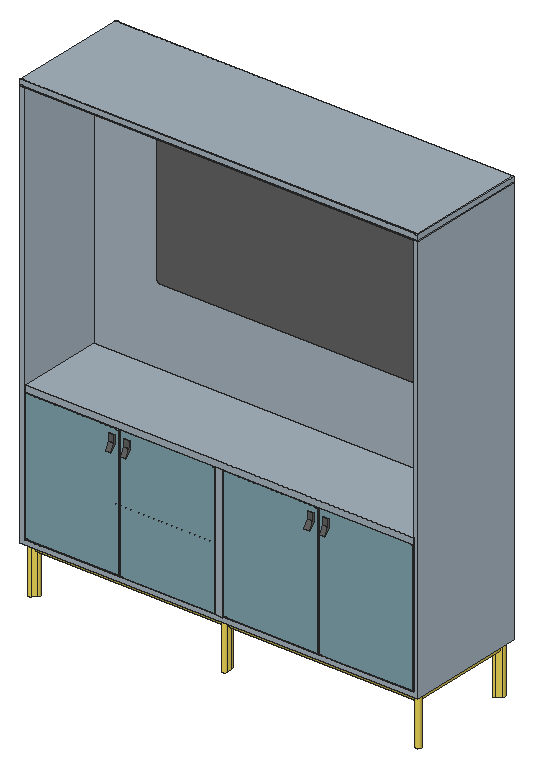
Revit family "DBLTD_TheSenatorGroup_OffcStrg_Play_MediaUnit_US", category Furniture, Revit 2018
Family settings
  Work Plane-Based = No
  Always vertical = Yes
  Cut with Voids When Loaded = No
  Shared = Yes
  Room Calculation Point = No
Parameters (values of type "Media Unit 60"(w) x 18"(d) x 70"(h)")
  WarrantyStartDate [instance] = "1900-12-31T23:59:59"
  WarrantyGuarantorParts = "15"
  WarrantyGuarantorLabor = "15"
  WarrantyDurationUnit = "Years"
  WarrantyDurationParts = "15"
  WarrantyDurationLabor = "15"
  WarrantyDescription = "Senator warrants that its manufactured products are free from manufacturing defects - in materials or workmanship - for a period of ten (10) years on Senator Seating ranges; and fifteen (15) years on Senator Desking ranges"
  Version = "1"  # constant formula
  Uniclass2015Version = "Products v1.9"
  Uniclass2015Title = "Office storage units"
  Uniclass2015Code = "Pr_40_30_78_57"
  URL = "https://www.thesenatorgroup.com/"
  TagNumber [instance] = "n/a"
  SustainabilityPerformance = "n/a"
  Style = "n/a"
  Size = "L 18\" x  W 60\" x  H 70\""
  Shape = "n/a"
  SerialNumber [instance] = "n/a"
  Revision = "n/a"
  ReplacementCost = "n/a"
  ProductInformation = "https://www.thesenatorgroup.com/"
  PanelMaterial [instance] = TheSenatorGroup_Play_MFC_Denim
  OmniClassVersion = "Table 22 2012-05-16"
  OmniClassTitle = "Storage"
  OmniClassCode = "22-12 51 19"
  NominalWidth = 60"
  NominalLength = 60"
  NominalHeight = 70"
  NominalDepth = 18"
  Name = "TheSenatorGroup_OfficeStorage_Play_MediaUnit"
  NBSReference = "45-35-80/360"
  NBSDescription = "Office storage"
  NBSCertification = ""
  ModelReference = "60\"(w) x 18\"(d) x70\"(h)"
  ModelNumber = "PYP70-60-MU"
  Model = ModelNumber  # "PYP70-60-MU"
  Material = "Metal, MFC"
  ManufacturerURL = "https://www.thesenatorgroup.com/"
  ManufacturerName = "The Senator Group"
  Manufacturer = "The Senator Group"
  MainColor = "n/a"
  Keynote = "Pr_40_50_21_60"
  InstallationDate [instance] = "1900-12-31T23:59:59"
  IfcExportType = "STORAGE"  # constant formula
  IfcExportAs = "IfcFurnitureType"  # constant formula
  Grade = "n/a"
  FramesColour = "Black, White, Totally Orange, Traffic Yellow, Anthracite, Pistachio"
  FrameSupports = "n/a"
  Finish = "HD Highland Oak, BH Beech, MP Maple, WH White, AT Autumn. WK Winter Oak, SO Strata Oak, MC Mocha, HW Hacienda White, DN Denim, LY Clay, LS Lemon Sorbet, LG Light Grey, CW Carini Walnut"
  Features = "n/a"
  ExpectedLife = "n/a"
  DurationUnit = "year"
  DoorPanelMaterial [instance] = TheSenatorGroup_Play_MFC_GranitBlue
  DimensionsPlanSize = "60\" x 18\""
  DimensionsHeight = "70\""
  Description = "Play Media Unit With Storage"
  Cost = 0
  Constituents = "n/a"
  Color = "n/a"
  CodePerformance = "n/a"
  Category = "Pr_40_30_78_57:Office storage units"
  BaseFinishMaterial [instance] = TheSenatorGroup_Play_MetalFrame_TrafficYellow
  BarCode [instance] = "n/a"
  BIMObjectName = "TheSenatorGroup_OfficeStorage_Play_MediaUnit"
  Author = "Diane Butterworth Ltd"  # constant formula
  AssetType = "Movable"
  AssetIdentifier [instance] = "n/a"
  AccessibilityPerformance = "n/a"
Reference planes (in)
  plane 1 "Center (Front/Back)": y = 0
  plane 2: z = 0
  plane 3 "Center (Left/Right)": x = 0
  plane 4: x = -30
  plane 5: x = 30
  plane 6: z = 7.2834646
  plane 7: y = -18
  plane 8: y = -9
  plane 9: z = 70
Forms (in)
  Extrusion 1, solid, material "TheSenatorGroup_Play_MFC_Denim" <- "PanelMaterial"
    sketch origin (0, 0, 0) x (1, 0, 0) y (0, 0, 1)
      loop
        line (-30, 7.2834646) -> (30, 7.2834646) -> (30, 69.015748) -> (29.3700787, 69.015748) -> (29.3700787, 7.9133858) -> (-29.3700787, 7.9133858) -> (-29.3700787, 69.0157416) -> (-30, 69.0157416) -> (-30, 7.2834646)
    from 0 to 18
  Extrusion 2, solid, material "TheSenatorGroup_Play_MetalFrame_TrafficYellow" <- "BaseFinishMaterial"
    sketch origin (-15.457819, -9.0579081, 7.2834646) x (-1, 0, 0) y (0, -1, 0)
      loop
        line (14.0342902, -7.6940506) -> (13.4775115, -7.1372764)
        arc (13.4775115, -7.1372764) -> (12.9207341, -7.1372785) -> (12.9207358, -7.6940559) r 0.3937012
        line (12.9207358, -7.6940559) -> (13.4775138, -8.2508309)
        arc (13.4775138, -8.2508309) -> (14.0342923, -8.2508292) -> (14.0342902, -7.6940506) r 0.3937017
    from 0 to -7.2834646
  Extrusion 3, solid, material "TheSenatorGroup_Play_MetalFrame_TrafficYellow" <- "BaseFinishMaterial", detail levels medium+fine
    sketch origin (-14.965693, -9.0579081, 0) x (-1, 0, 0) y (0, 0, -1)
      loop
        arc (13.0275609, -7.1653543) -> (13.0621546, -7.2488709) -> (13.1456712, -7.2834646) r 0.1181102
        line (13.1456712, -7.2834646) -> (14.1299208, -7.2834646)
        arc (14.1299208, -7.2834646) -> (14.2134374, -7.2488709) -> (14.2480311, -7.1653543) r 0.1181102
        line (14.2480311, -7.1653543) -> (14.2480311, -6.4960628)
        arc (14.2480311, -6.4960628) -> (13.637796, -5.8858277) -> (13.0275609, -6.4960628) r 0.6102351
        line (13.0275609, -6.4960628) -> (13.0275609, -7.1653543)
    from -7.480315 to 7.4834301
  Extrusion 4, solid, material "TheSenatorGroup_Play_MetalFrame_TrafficYellow" <- "BaseFinishMaterial", detail levels medium+fine
    sketch origin (-12.0916775, -12.994916, 0) x (0, 1, 0) y (0, 0, 1)
      loop
        line (10.6889778, 7.1653543) -> (10.6889778, 6.4960628)
        arc (10.6889778, 6.4960628) -> (11.2992129, 5.8858277) -> (11.909448, 6.4960628) r 0.6102351
        line (11.909448, 6.4960628) -> (11.909448, 7.1653543)
        arc (11.909448, 7.1653543) -> (11.8748543, 7.2488709) -> (11.7913377, 7.2834646) r 0.1181102
        line (11.7913377, 7.2834646) -> (10.807088, 7.2834646)
        arc (10.807088, 7.2834646) -> (10.7235715, 7.2488709) -> (10.6889778, 7.1653543) r 0.1181102
    from -16.7495808 to 40.9715988
  Extrusion 5, solid, material "TheSenatorGroup_Play_MetalFrame_TrafficYellow" <- "BaseFinishMaterial"
    sketch origin (5.0109916, -17.3711915, 7.2834646) x (-0.707107, 0.707107, 0) y (-0.707107, -0.707107, 0)
      loop
        line (15.3374394, -7.6940506) -> (14.7806607, -7.1372764)
        arc (14.7806607, -7.1372764) -> (14.2238833, -7.1372785) -> (14.223885, -7.6940559) r 0.3937012
        line (14.223885, -7.6940559) -> (14.7806629, -8.2508309)
        arc (14.7806629, -8.2508309) -> (15.3374415, -8.2508292) -> (15.3374394, -7.6940506) r 0.3937017
    from 0 to -7.2834646
  Extrusion 6, solid, material "TheSenatorGroup_Play_MetalFrame_TrafficYellow" <- "BaseFinishMaterial", not visible, detail levels medium+fine
    sketch origin (14.9409452, -9.0579081, 0) x (-1, 0, 0) y (0, 0, -1)
      loop
        arc (14.3307101, -7.1653543) -> (14.3653038, -7.2488709) -> (14.4488203, -7.2834646) r 0.1181102
        line (14.4488203, -7.2834646) -> (15.43307, -7.2834646)
        arc (15.43307, -7.2834646) -> (15.5165866, -7.2488709) -> (15.5511802, -7.1653543) r 0.1181102
        line (15.5511802, -7.1653543) -> (15.5511802, -6.4960628)
        arc (15.5511802, -6.4960628) -> (14.9409452, -5.8858277) -> (14.3307101, -6.4960628) r 0.6102351
        line (14.3307101, -6.4960628) -> (14.3307101, -7.1653543)
    from -7.480315 to 7.1920919
  Extrusion 7, solid, material "TheSenatorGroup_Play_MetalFrame_TrafficYellow" <- "BaseFinishMaterial"
    sketch origin (-15.457819, -8.2649269, 7.2834646) x (-1, 0, 0) y (0, -1, 0)
      loop
        arc (14.0342902, 8.3712157) -> (14.0342923, 8.9279942) -> (13.4775138, 8.9279959) r 0.3937017
        line (13.4775138, 8.9279959) -> (12.9207358, 8.371221)
        arc (12.9207358, 8.371221) -> (12.9207341, 7.8144435) -> (13.4775115, 7.8144415) r 0.3937012
        line (13.4775115, 7.8144415) -> (14.0342902, 8.3712157)
    from 0 to -7.2834646
  Extrusion 8, solid, material "TheSenatorGroup_Play_MetalFrame_TrafficYellow" <- "BaseFinishMaterial", detail levels medium+fine
    sketch origin (-12.0916775, -4.327919, 0) x (0, -1, 0) y (0, 0, -1)
      loop
        arc (11.3661428, -7.1653543) -> (11.4007365, -7.2488709) -> (11.4842531, -7.2834646) r 0.1181102
        line (11.4842531, -7.2834646) -> (12.4685028, -7.2834646)
        arc (12.4685028, -7.2834646) -> (12.5520193, -7.2488709) -> (12.586613, -7.1653543) r 0.1181102
        line (12.586613, -7.1653543) -> (12.586613, -6.4960628)
        arc (12.586613, -6.4960628) -> (11.9763779, -5.8858277) -> (11.3661428, -6.4960628) r 0.6102351
        line (11.3661428, -6.4960628) -> (11.3661428, -7.1653543)
    from -16.7495808 to 40.9715988
  Extrusion 9, solid, material "TheSenatorGroup_Play_MetalFrame_TrafficYellow" <- "BaseFinishMaterial"
    sketch origin (5.0109916, 0.0483566, 7.2834646) x (-0.707107, -0.707107, 0) y (0.707107, -0.707107, 0)
      loop
        arc (15.8162674, 8.1728786) -> (15.8162695, 8.7296572) -> (15.2594909, 8.7296589) r 0.3937017
        line (15.2594909, 8.7296589) -> (14.702713, 8.1728839)
        arc (14.702713, 8.1728839) -> (14.7027113, 7.6161065) -> (15.2594887, 7.6161044) r 0.3937012
        line (15.2594887, 7.6161044) -> (15.8162674, 8.1728786)
    from 0 to -7.2834646
  Extrusion 10, solid, material "TheSenatorGroup_Play_MetalFrame_TrafficYellow" <- "BaseFinishMaterial", detail levels medium+fine
    sketch origin (14.965693, -9.0579081, 0) x (1, 0, 0) y (0, 0, 1)
      loop
        line (13.0275609, 7.1653543) -> (13.0275609, 6.4960628)
        arc (13.0275609, 6.4960628) -> (13.637796, 5.8858277) -> (14.2480311, 6.4960628) r 0.6102351
        line (14.2480311, 6.4960628) -> (14.2480311, 7.1653543)
        arc (14.2480311, 7.1653543) -> (14.2134374, 7.2488709) -> (14.1299208, 7.2834646) r 0.1181102
        line (14.1299208, 7.2834646) -> (13.1456712, 7.2834646)
        arc (13.1456712, 7.2834646) -> (13.0621546, 7.2488709) -> (13.0275609, 7.1653543) r 0.1181102
    from -7.480315 to 7.5275599
  Extrusion 11, solid, material "TheSenatorGroup_Play_MetalFrame_TrafficYellow" <- "BaseFinishMaterial"
    sketch origin (15.457819, -9.0579081, 7.2834646) x (1, 0, 0) y (0, 1, 0)
      loop
        arc (14.0342902, 7.6940506) -> (14.0342923, 8.2508292) -> (13.4775138, 8.2508309) r 0.3937017
        line (13.4775138, 8.2508309) -> (12.9207358, 7.6940559)
        arc (12.9207358, 7.6940559) -> (12.9207341, 7.1372785) -> (13.4775115, 7.1372764) r 0.3937012
        line (13.4775115, 7.1372764) -> (14.0342902, 7.6940506)
    from 0 to -7.2834646
  Extrusion 12, solid, material "TheSenatorGroup_Play_MetalFrame_TrafficYellow" <- "BaseFinishMaterial"
    sketch origin (15.457819, -8.2649269, 7.2834646) x (1, 0, 0) y (0, 1, 0)
      loop
        line (14.0342902, -8.3712157) -> (13.4775115, -7.8144415)
        arc (13.4775115, -7.8144415) -> (12.9207341, -7.8144435) -> (12.9207358, -8.371221) r 0.3937012
        line (12.9207358, -8.371221) -> (13.4775138, -8.9279959)
        arc (13.4775138, -8.9279959) -> (14.0342923, -8.9279942) -> (14.0342902, -8.3712157) r 0.3937017
    from 0 to -7.2834646
  Extrusion 13, solid, material "TheSenatorGroup_Play_MFC_Denim" <- "PanelMaterial"
    sketch origin (0, 0, -0.9055118) x (0, 1, 0) y (0, 0, 1)
      loop
        line (0, 29.7244148) -> (-18, 29.7244148) -> (-18, 28.7401571) -> (0, 28.7401571) -> (0, 29.7244148)
    from -29.3700787 to 29.3700787
  Extrusion 14, solid, material "TheSenatorGroup_Play_MFC_Denim" <- "PanelMaterial"
    sketch origin (0, 0, 39.9606303) x (0, 1, 0) y (0, 0, 1)
      loop
        line (0, 30.0393755) -> (-18, 30.0393755) -> (-18, 29.0551178) -> (0, 29.0551178) -> (0, 30.0393755)
    from -30 to 30
  Sweep 15, void
    path in 3D
      loop
        line (-30, -18, 70.0000057) -> (-30, 0, 70.0000057) -> (30, 0, 70.0000057) -> (30, -18, 70.0000057) -> (-30, -18, 70.0000057)
    profile origin (0, -18, 70.0000057) x (0, -1, 0) y (0, 0, 1)
      loop
        line (0, 0) -> (-0.0787402, 0)
        arc (-0.0787402, 0) -> (-0.0230625, -0.0230625) -> (0, -0.0787402) r 0.0787402
        line (0, -0.0787402) -> (0, 0)
      loop
        line (0, -0.9842577) -> (0, -0.9055175)
        arc (0, -0.9055175) -> (-0.0230625, -0.9611952) -> (-0.0787402, -0.9842577) r 0.0787402
        line (-0.0787402, -0.9842577) -> (0, -0.9842577)
  Extrusion 16, solid, material "TheSenatorGroup_Play_MFC_Denim" <- "PanelMaterial"
    sketch origin (0, 0, 0) x (0, 1, 0) y (0, 0, 1)
      loop
        line (-4.27559, 69.0157416) -> (-4.9842519, 69.0157416) -> (-4.9842519, 28.818903) -> (-4.27559, 28.818903) -> (-4.27559, 69.0157416)
    from -29.3700787 to 29.3700787
  Extrusion 17, solid, material "TheSenatorGroup_Play_MetalFrame_Black"
    sketch origin (0, 0, 0) x (1, 0, 0) y (0, 0, 1)
      loop
        arc (-18.9763765, 62.4212686) -> (-19.2547649, 62.3059563) -> (-19.3700772, 62.0275678) r 0.3937008
        line (-19.3700772, 62.0275678) -> (-19.3700772, 41.0512764)
        arc (-19.3700772, 41.0512764) -> (-19.2547649, 40.7728879) -> (-18.9763765, 40.6575756) r 0.3937008
        line (-18.9763765, 40.6575756) -> (18.9685048, 40.6575756)
        arc (18.9685048, 40.6575756) -> (19.2468933, 40.7728879) -> (19.3622056, 41.0512764) r 0.3937008
        line (19.3622056, 41.0512764) -> (19.3622056, 62.0275678)
        arc (19.3622056, 62.0275678) -> (19.2468933, 62.3059563) -> (18.9685048, 62.4212686) r 0.3937008
        line (18.9685048, 62.4212686) -> (-18.9763765, 62.4212686)
    from 4.9842519 to 5.4409447
  Extrusion 18, solid, material "TheSenatorGroup_Play_MFC_GranitBlue" <- "DoorPanelMaterial"
    sketch origin (0, -0.677165, 0) x (1, 0, 0) y (0, 0, 1)
      loop
        line (-29.3700787, 27.8346453) -> (-29.3700787, 7.9133858) -> (-15, 7.9133858) -> (-15, 27.8346453) -> (-29.3700787, 27.8346453)
    from 16.6141732 to 17.3228345
  Sweep 19, void
    path in 3D
      loop
        line (-29.3700787, -17.9999995, 27.8346453) -> (-29.3700787, -17.9999995, 7.9133858) -> (-15, -17.9999995, 7.9133858) -> (-15, -17.9999995, 27.8346453) -> (-29.3700787, -17.9999995, 27.8346453)
    profile origin (-22.1850394, -17.9999995, 27.8346453) x (0, -1, 0) y (0, 0, 1)
      loop
        line (0.0000005, 0) -> (-0.0787397, 0)
        arc (-0.0787397, 0) -> (-0.023062, -0.0230625) -> (0.0000005, -0.0787402) r 0.0787402
        line (0.0000005, -0.0787402) -> (0.0000005, 0)
  Extrusion 20, solid, material "TheSenatorGroup_Play_MFC_Denim" <- "PanelMaterial"
    sketch origin (0, -0.677165, 0) x (1, 0, 0) y (0, 0, 1)
      loop
        line (-0.62886, 7.9123184) -> (0.62886, 7.9123184) -> (0.62886, 27.8357128) -> (-0.62886, 27.8357128) -> (-0.62886, 7.9123184)
    from 16.6141732 to 17.322835
  Extrusion 21, solid, material "TheSenatorGroup_Play_MFC_Denim" <- "PanelMaterial"
    sketch origin (0, 0, 0) x (1, 0, 0) y (0, 1, 0)
      loop
        line (-29.3700787, 0.0010551) -> (-29.3700787, -0.6289449) -> (29.3700787, -0.6289449) -> (29.3700787, 0.0010551) -> (-29.3700787, 0.0010551)
    from 7.9133858 to 27.8346453
  Extrusion 22, solid, material "TheSenatorGroup_Play_MetalFrame_Black"
    sketch origin (1.2814951, 0, 0) x (0, 1, 0) y (0, 0, 1)
      loop
        line (-18, 26.889768) -> (-18.0787402, 26.889768) -> (-18.0787402, 25.821824)
        arc (-18.0787402, 25.821824) -> (-18.0859034, 25.7748685) -> (-18.1067414, 25.7321847) r 0.1574803
        line (-18.1067414, 25.7321847) -> (-18.7734003, 24.7692328) -> (-18.7086607, 24.7244131) -> (-18.0420018, 25.687365)
        arc (-18.0420018, 25.687365) -> (-18.0107448, 25.7513907) -> (-18, 25.821824) r 0.2362205
        line (-18, 25.821824) -> (-18, 26.889768)
    from -17.8188958 to -17.0314951
  Extrusion 23, solid, material "TheSenatorGroup_Play_MetalFrame_Black"
    sketch origin (-31.2814951, 0, 0) x (0, 1, 0) y (0, 0, -1)
      loop
        line (-18, -26.889768) -> (-18, -25.821824)
        arc (-18, -25.821824) -> (-18.0107448, -25.7513907) -> (-18.0420018, -25.687365) r 0.2362205
        line (-18.0420018, -25.687365) -> (-18.7086607, -24.7244131) -> (-18.7734003, -24.7692328) -> (-18.1067414, -25.7321847)
        arc (-18.1067414, -25.7321847) -> (-18.0859034, -25.7748685) -> (-18.0787402, -25.821824) r 0.1574803
        line (-18.0787402, -25.821824) -> (-18.0787402, -26.889768) -> (-18, -26.889768)
    from -17.8188958 to -17.0314951
  Extrusion 24, solid, material "TheSenatorGroup_Play_MFC_GranitBlue" <- "DoorPanelMaterial"
    sketch origin (14.37114, -0.677165, -0.0010675) x (1, 0, 0) y (0, 0, 1)
      loop
        line (-29.3700787, 27.8346453) -> (-29.3700787, 7.9133858) -> (-15, 7.9133858) -> (-15, 27.8346453) -> (-29.3700787, 27.8346453)
    from 16.6141732 to 17.3228345
  Extrusion 25, solid, material "TheSenatorGroup_Play_MFC_GranitBlue" <- "DoorPanelMaterial"
    sketch origin (-14.37114, -0.677165, -0.0010675) x (-1, 0, 0) y (0, 0, -1)
      loop
        line (-29.3700787, -27.8346453) -> (-15, -27.8346453) -> (-15, -7.9133858) -> (-29.3700787, -7.9133858) -> (-29.3700787, -27.8346453)
    from 16.6141732 to 17.3228345
  Extrusion 26, solid, material "TheSenatorGroup_Play_MFC_GranitBlue" <- "DoorPanelMaterial"
    sketch origin (44.3690175, -0.677165, -0.0010675) x (1, 0, 0) y (0, 0, 1)
      loop
        line (-29.3700787, 27.8346453) -> (-29.3700787, 7.9133858) -> (-15, 7.9133858) -> (-15, 27.8346453) -> (-29.3700787, 27.8346453)
    from 16.6141732 to 17.3228345
  Extrusion 27, solid, material "TheSenatorGroup_Play_MetalFrame_Black"
    sketch origin (-1.2814951, 0, 0) x (0, 1, 0) y (0, 0, -1)
      loop
        line (-18, -26.889768) -> (-18, -25.821824)
        arc (-18, -25.821824) -> (-18.0107448, -25.7513907) -> (-18.0420018, -25.687365) r 0.2362205
        line (-18.0420018, -25.687365) -> (-18.7086607, -24.7244131) -> (-18.7734003, -24.7692328) -> (-18.1067414, -25.7321847)
        arc (-18.1067414, -25.7321847) -> (-18.0859034, -25.7748685) -> (-18.0787402, -25.821824) r 0.1574803
        line (-18.0787402, -25.821824) -> (-18.0787402, -26.889768) -> (-18, -26.889768)
    from -17.8188958 to -17.0314951
  Extrusion 28, solid, material "TheSenatorGroup_Play_MetalFrame_Black"
    sketch origin (31.2814951, 0, 0) x (0, 1, 0) y (0, 0, 1)
      loop
        line (-18, 26.889768) -> (-18.0787402, 26.889768) -> (-18.0787402, 25.821824)
        arc (-18.0787402, 25.821824) -> (-18.0859034, 25.7748685) -> (-18.1067414, 25.7321847) r 0.1574803
        line (-18.1067414, 25.7321847) -> (-18.7734003, 24.7692328) -> (-18.7086607, 24.7244131) -> (-18.0420018, 25.687365)
        arc (-18.0420018, 25.687365) -> (-18.0107448, 25.7513907) -> (-18, 25.821824) r 0.2362205
        line (-18, 25.821824) -> (-18, 26.889768)
    from -17.8188958 to -17.0314951
  Sweep 29, void
    path in 3D
      loop
        line (-14.9989388, -17.9999995, 27.8335778) -> (-14.9989388, -17.9999995, 7.9123184) -> (-0.62886, -17.9999995, 7.9123184) -> (-0.62886, -17.9999995, 27.8335778) -> (-14.9989388, -17.9999995, 27.8335778)
    profile origin (-7.8138994, -17.9999995, 27.8335778) x (0, -1, 0) y (0, 0, 1)
      loop
        line (0, 0) -> (-0.08, 0)
        arc (-0.08, 0) -> (-0.0234315, -0.0234315) -> (0, -0.08) r 0.08
        line (0, -0.08) -> (0, 0)
  Sweep 30, void
    path in 3D
      loop
        line (14.9989388, -17.9999995, 27.8335778) -> (14.9989388, -17.9999995, 7.9123184) -> (0.62886, -17.9999995, 7.9123184) -> (0.62886, -17.9999995, 27.8335778) -> (14.9989388, -17.9999995, 27.8335778)
    profile origin (7.8138994, -17.9999995, 27.8335778) x (0, 1, 0) y (0, 0, 1)
      loop
        line (0, 0) -> (0, -0.08)
        arc (0, -0.08) -> (0.0234315, -0.0234315) -> (0.08, 0) r 0.08
        line (0.08, 0) -> (0, 0)
  Sweep 31, void
    path in 3D
      loop
        line (14.9989388, -17.9999995, 27.8335778) -> (14.9989388, -17.9999995, 7.9123184) -> (29.3690175, -17.9999995, 7.9123184) -> (29.3690175, -17.9999995, 27.8335778) -> (14.9989388, -17.9999995, 27.8335778)
    profile origin (22.1839781, -17.9999995, 27.8335778) x (0, -1, 0) y (0, 0, 1)
      loop
        line (0, 0) -> (-0.08, 0)
        arc (-0.08, 0) -> (-0.0234315, -0.0234315) -> (0, -0.08) r 0.08
        line (0, -0.08) -> (0, 0)
Cuts and joins
  Sweep 19 cuts Extrusion 1
  Sweep 15 cuts Extrusion 14
  Sweep 19 cuts Extrusion 18
  Sweep 29, Sweep 30, Sweep 31 cuts Extrusion 20
  Sweep 29, Sweep 30 cuts Extrusion 24
  Sweep 30, Sweep 31 cuts Extrusion 25
  Sweep 31 cuts Extrusion 26
Lines and regions (in)
  sketch lines
    curve 1: line (30, -18, 70.0000057) -> (-30, -18, 70.0000057)
    curve 2: line (-30, -18, 70.0000057) -> (-30, 0, 70.0000057)
    curve 3: line (30, 0, 70.0000057) -> (-30, 0, 70.0000057)
    curve 4: line (30, 0, 70.0000057) -> (30, -18, 70.0000057)
    curve 5: line (-15, -17.9999995, 27.8346453) -> (-29.3700787, -17.9999995, 27.8346453)
    curve 6: line (-29.3700787, -17.9999995, 27.8346453) -> (-29.3700787, -17.9999995, 7.9133858)
    curve 7: line (-29.3700787, -17.9999995, 7.9133858) -> (-15, -17.9999995, 7.9133858)
    curve 8: line (-15, -17.9999995, 7.9133858) -> (-15, -17.9999995, 27.8346453)
    curve 9: line (-0.62886, -17.9999995, 27.8335778) -> (-14.9989388, -17.9999995, 27.8335778)
    curve 10: line (-14.9989388, -17.9999995, 27.8335778) -> (-14.9989388, -17.9999995, 7.9123184)
    curve 11: line (-0.62886, -17.9999995, 7.9123184) -> (-0.62886, -17.9999995, 27.8335778)
    curve 12: line (-14.9989388, -17.9999995, 7.9123184) -> (-0.62886, -17.9999995, 7.9123184)
    curve 13: line (0.62886, -17.9999995, 27.8335778) -> (14.9989388, -17.9999995, 27.8335778)
    curve 14: line (14.9989388, -17.9999995, 27.8335778) -> (14.9989388, -17.9999995, 7.9123184)
    curve 15: line (0.62886, -17.9999995, 7.9123184) -> (0.62886, -17.9999995, 27.8335778)
    curve 16: line (14.9989388, -17.9999995, 7.9123184) -> (0.62886, -17.9999995, 7.9123184)
    curve 17: line (29.3690175, -17.9999995, 27.8335778) -> (14.9989388, -17.9999995, 27.8335778)
    curve 18: line (14.9989388, -17.9999995, 27.8335778) -> (14.9989388, -17.9999995, 7.9123184)
    curve 19: line (29.3690175, -17.9999995, 7.9123184) -> (29.3690175, -17.9999995, 27.8335778)
    curve 20: line (14.9989388, -17.9999995, 7.9123184) -> (29.3690175, -17.9999995, 7.9123184)
Dimensions and locks (in)
  plane 4 to plane 3 "Center (Left/Right)" to plane 5 = 30", 30"
  equal spacing: plane 7, plane 8, plane 1 "Center (Front/Back)"
  "NominalHeight": plane 9 to level
  "NominalLength": plane 4 to plane 5
  equal spacing: plane 4, plane 3 "Center (Left/Right)", plane 5
  plane 1 "Center (Front/Back)" to plane 8 to plane 7 = 9", 9"
  "NominalDepth": plane 1 "Center (Front/Back)" to plane 7
  aligned and locked: level to plane 2
  aligned and locked: Extrusion 1 sketch curve to plane 6
  aligned and locked: Extrusion 1 sketch curve to plane 5
  aligned and locked: Extrusion 1 to plane 1 "Center (Front/Back)"
  aligned and locked: Extrusion 1 to plane 7
Automatic sketch dimensions
  Sweep 30 sketch curve to profile plane = 0"  (x4)
  Sweep 30 sketch curve to profile plane = 0.08"
  Sweep 30 sketch curve to Sweep 30 sketch curve = 0"  (x2)
  plane 4 to Extrusion 1 sketch curve = 0"
  Extrusion 1 sketch curve to plane 4 = 0.62992"
  Extrusion 1 sketch curve to plane 5 = 0.62992"
  Extrusion 1 sketch curve to plane 6 = 0.62992"
  Extrusion 1 sketch curve to plane 9 = 0.98426"
  Extrusion 1 sketch curve to plane 9 = 0.98425"
  Extrusion 2 sketch curve to plane 4 = 1.62145"
  Extrusion 2 sketch curve to Extrusion 2 sketch curve = 0.27839"  (x6)
  Extrusion 2 sketch curve to Extrusion 2 sketch curve = 0.55678"
  plane 1 "Center (Front/Back)" to Extrusion 2 sketch curve = 0.80708"
  Extrusion 2 sketch curve to Extrusion 2 sketch curve = 0.55677"
  Extrusion 3 sketch curve to plane 6 = 0"
  Extrusion 3 sketch curve to plane 6 = 0.11811"  (x2)
  plane 4 to Extrusion 3 sketch curve = 2.00675"
  Extrusion 3 sketch curve to Extrusion 3 sketch curve = 0.61024"
  Extrusion 3 sketch curve to Extrusion 3 sketch curve = 0.66929"
  plane 6 to Extrusion 4 sketch curve = 0"
  plane 6 to Extrusion 4 sketch curve = 0.11811"
  plane 1 "Center (Front/Back)" to Extrusion 4 sketch curve = 2.30594"
  Extrusion 4 sketch curve to Extrusion 4 sketch curve = 0.61024"
  Extrusion 4 sketch curve to Extrusion 4 sketch curve = 0.11811"
  Extrusion 4 sketch curve to Extrusion 4 sketch curve = 0.66929"
  plane 3 "Center (Left/Right)" to Extrusion 5 sketch curve = 0.39371"
  plane 1 "Center (Front/Back)" to Extrusion 5 sketch curve = 1.87287"
  Extrusion 5 sketch curve to Extrusion 5 sketch curve = 0.27839"  (x7)
  Extrusion 5 sketch curve to Extrusion 5 sketch curve = 0.55678"
  Extrusion 6 sketch curve to plane 6 = 0"
  Extrusion 6 sketch curve to plane 3 "Center (Left/Right)" = 0"
  Extrusion 6 sketch curve to plane 6 = 0.11811"  (x2)
  Extrusion 6 sketch curve to plane 3 "Center (Left/Right)" = 0.49212"
  Extrusion 6 sketch curve to Extrusion 6 sketch curve = 0.66929"
  Extrusion 7 sketch curve to plane 4 = 1.62145"
  Extrusion 7 sketch curve to Extrusion 7 sketch curve = 0.27839"  (x6)
  Extrusion 7 sketch curve to Extrusion 7 sketch curve = 0.55678"
  plane 7 to Extrusion 7 sketch curve = 1.92063"
  Extrusion 7 sketch curve to Extrusion 7 sketch curve = 0.55677"
  plane 6 to Extrusion 8 sketch curve = 0"
  plane 6 to Extrusion 8 sketch curve = 0.11811"  (x2)
  plane 7 to Extrusion 8 sketch curve = 2.30594"
  Extrusion 8 sketch curve to Extrusion 8 sketch curve = 0.61024"
  plane 6 to Extrusion 8 sketch curve = 0.7874"
  plane 3 "Center (Left/Right)" to Extrusion 9 sketch curve = 0.39371"
  plane 7 to Extrusion 9 sketch curve = 1.87287"
  Extrusion 9 sketch curve to Extrusion 9 sketch curve = 0.27839"  (x6)
  Extrusion 9 sketch curve to Extrusion 9 sketch curve = 0.55678"
  Extrusion 9 sketch curve to Extrusion 9 sketch curve = 0.00001"
  Extrusion 10 sketch curve to plane 6 = 0"
  plane 6 to Extrusion 10 sketch curve = 0.11811"  (x2)
  Extrusion 10 sketch curve to plane 5 = 2.00675"
  Extrusion 10 sketch curve to Extrusion 10 sketch curve = 0.61024"
  Extrusion 10 sketch curve to Extrusion 10 sketch curve = 0.66929"
  Extrusion 11 sketch curve to plane 5 = 1.62145"
  Extrusion 11 sketch curve to Extrusion 11 sketch curve = 0.27839"  (x6)
  Extrusion 11 sketch curve to Extrusion 11 sketch curve = 0.55678"
  plane 1 "Center (Front/Back)" to Extrusion 11 sketch curve = 1.92063"
  Extrusion 11 sketch curve to Extrusion 11 sketch curve = 0.55677"
  Extrusion 12 sketch curve to plane 5 = 1.62145"
  Extrusion 12 sketch curve to Extrusion 12 sketch curve = 0.27839"  (x6)
  Extrusion 12 sketch curve to Extrusion 12 sketch curve = 0.55678"
  plane 7 to Extrusion 12 sketch curve = 0.80708"
  Extrusion 12 sketch curve to Extrusion 12 sketch curve = 0.55677"
  Extrusion 13 sketch curve to plane 7 = 0"
  Extrusion 13 sketch curve to plane 1 "Center (Front/Back)" = 0"
  Extrusion 13 sketch curve to plane 6 = 20.55118"
  Extrusion 13 sketch curve to Extrusion 13 sketch curve = 0.98426"
  Extrusion 14 sketch curve to plane 7 = 0"
  Extrusion 14 sketch curve to plane 1 "Center (Front/Back)" = 0"
  Extrusion 14 sketch curve to plane 9 = 0.98425"
  plane 9 to Extrusion 14 sketch curve = 0.00001"
  Sweep 15 sketch curve to profile plane = 0"  (x6)
  Sweep 15 sketch curve to Sweep 15 sketch curve = 0.07874"
  profile plane to Sweep 15 sketch curve = 0.07874"
  Sweep 15 sketch curve to Sweep 15 sketch curve = 0.82678"
  Sweep 15 sketch curve to Sweep 15 sketch curve = 0"  (x5)
  Extrusion 16 sketch curve to plane 9 = 0.98426"
  plane 8 to Extrusion 16 sketch curve = 4.01575"
  Extrusion 16 sketch curve to Extrusion 16 sketch curve = 0.70866"
  Extrusion 16 sketch curve to plane 6 = 21.53544"
  Extrusion 17 sketch curve to Extrusion 17 sketch curve = 0.3937"  (x3)
  Extrusion 17 sketch curve to plane 5 = 11.0315"  (x2)
  Extrusion 17 sketch curve to plane 9 = 29.34242"
  Extrusion 17 sketch curve to plane 9 = 7.97243"
  Extrusion 18 sketch curve to plane 4 = 0.62992"
  Extrusion 18 sketch curve to plane 6 = 0.62992"
  Extrusion 18 sketch curve to Extrusion 18 sketch curve = 19.92126"
  Sweep 19 sketch curve to profile plane = 0"  (x3)
  profile plane to Sweep 19 sketch curve = 0.07874"
  Sweep 19 sketch curve to profile plane = 0.07874"
  Sweep 19 sketch curve to Sweep 19 sketch curve = 0"  (x2)
  Extrusion 20 sketch curve to plane 3 "Center (Left/Right)" = 0.62886"
  plane 3 "Center (Left/Right)" to Extrusion 20 sketch curve = 0.62886"
  Extrusion 20 sketch curve to plane 6 = 0.62885"
  Extrusion 20 sketch curve to Extrusion 20 sketch curve = 19.92339"
  Extrusion 21 sketch curve to plane 4 = 0.62992"
  Extrusion 21 sketch curve to plane 5 = 0.62992"
  plane 1 "Center (Front/Back)" to Extrusion 21 sketch curve = 0.62894"
  Extrusion 21 sketch curve to plane 1 "Center (Front/Back)" = 0.00106"
  Extrusion 22 sketch curve to Extrusion 22 sketch curve = 0"  (x2)
  Extrusion 22 sketch curve to plane 7 = 0"
  Extrusion 22 sketch curve to plane 7 = 0.042"
  Extrusion 22 sketch curve to plane 7 = 0.07874"
  Extrusion 22 sketch curve to Extrusion 22 sketch curve = 0.06474"  (x2)
  Extrusion 22 sketch curve to Extrusion 22 sketch curve = 0.15748"
  Extrusion 22 sketch curve to plane 7 = 0.70866"
  Extrusion 22 sketch curve to plane 6 = 17.44095"
  Extrusion 22 sketch curve to Extrusion 22 sketch curve = 1.06794"
  Extrusion 23 sketch curve to Extrusion 23 sketch curve = 0"  (x2)
  Extrusion 23 sketch curve to plane 7 = 0"
  Extrusion 23 sketch curve to plane 7 = 0.042"
  Extrusion 23 sketch curve to plane 7 = 0.07874"
  Extrusion 23 sketch curve to Extrusion 23 sketch curve = 0.06474"  (x2)
  Extrusion 23 sketch curve to Extrusion 23 sketch curve = 0.15748"
  Extrusion 23 sketch curve to plane 7 = 0.70866"
  Extrusion 23 sketch curve to plane 6 = 19.6063"
  Extrusion 23 sketch curve to Extrusion 23 sketch curve = 1.06794"
  Extrusion 24 sketch curve to plane 3 "Center (Left/Right)" = 0.62886"
  Extrusion 24 sketch curve to plane 6 = 0.62885"
  Extrusion 24 sketch curve to Extrusion 24 sketch curve = 19.92126"
  Extrusion 25 sketch curve to plane 6 = 0.62885"
  plane 3 "Center (Left/Right)" to Extrusion 25 sketch curve = 14.99894"
  plane 3 "Center (Left/Right)" to Extrusion 25 sketch curve = 0.62886"
  Extrusion 25 sketch curve to Extrusion 25 sketch curve = 19.92126"
  Extrusion 26 sketch curve to plane 6 = 0.62885"
  plane 3 "Center (Left/Right)" to Extrusion 26 sketch curve = 14.99894"
  Extrusion 26 sketch curve to plane 5 = 0.63098"
  Extrusion 26 sketch curve to Extrusion 26 sketch curve = 19.92126"
  Extrusion 27 sketch curve to Extrusion 27 sketch curve = 0"  (x2)
  Extrusion 27 sketch curve to plane 7 = 0"
  Extrusion 27 sketch curve to plane 7 = 0.042"
  Extrusion 27 sketch curve to plane 7 = 0.07874"
  Extrusion 27 sketch curve to Extrusion 27 sketch curve = 0.06474"  (x2)
  Extrusion 27 sketch curve to Extrusion 27 sketch curve = 0.15748"
  Extrusion 27 sketch curve to plane 7 = 0.70866"
  Extrusion 27 sketch curve to plane 6 = 19.6063"
  Extrusion 27 sketch curve to Extrusion 27 sketch curve = 1.06794"
  Extrusion 28 sketch curve to Extrusion 28 sketch curve = 0"  (x2)
  Extrusion 28 sketch curve to plane 7 = 0"
  Extrusion 28 sketch curve to plane 7 = 0.042"
  Extrusion 28 sketch curve to plane 7 = 0.07874"
  Extrusion 28 sketch curve to Extrusion 28 sketch curve = 0.06474"  (x2)
  Extrusion 28 sketch curve to Extrusion 28 sketch curve = 0.15748"
  Extrusion 28 sketch curve to plane 7 = 0.70866"
  Extrusion 28 sketch curve to plane 6 = 17.44095"
  Extrusion 28 sketch curve to Extrusion 28 sketch curve = 1.06794"
  Sweep 29 sketch curve to profile plane = 0"  (x4)
  profile plane to Sweep 29 sketch curve = 0.08"
  Sweep 29 sketch curve to Sweep 29 sketch curve = 0"  (x2)
  Sweep 31 sketch curve to profile plane = 0"  (x4)
  profile plane to Sweep 31 sketch curve = 0.08"
  Sweep 31 sketch curve to Sweep 31 sketch curve = 0"  (x2)
  Extrusion 17 sketch curve to plane 4 = 11.02362"
  Extrusion 18 sketch curve to Extrusion 18 sketch curve = 14.37008"
  Extrusion 24 sketch curve to Extrusion 24 sketch curve = 14.37008"
